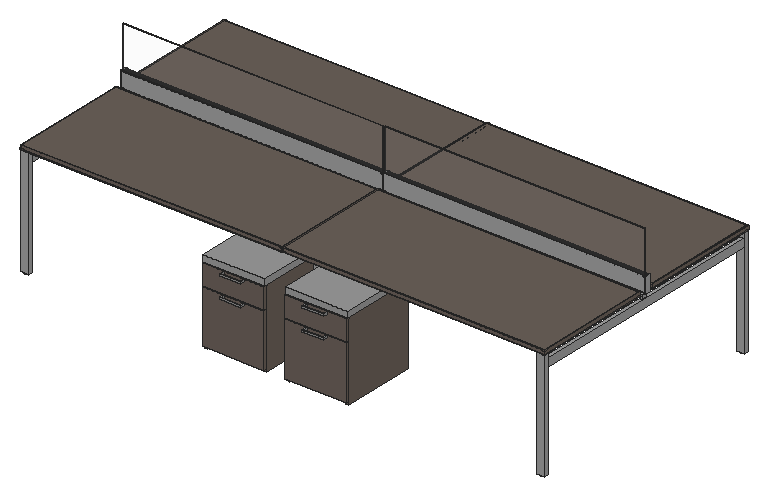
Revit family "T200188", category Furniture, Revit 2015 (continued)
Definition of nested family "STAKS BENCHING TOOLRAIL KITS"
  Automatic sketch dimensions
    Extrusion 6 sketch curve to Extrusion 6 sketch curve = 0.00634"  (x2)
    Extrusion 6 sketch curve to plane 3 "SURFACE HEIGHT" = 0.09842"  (x2)
    plane 2 "Center (Front/Back)" to Extrusion 6 sketch curve = 0.19685"
    plane 2 "Center (Front/Back)" to Extrusion 6 sketch curve = 0.17717"
    plane 2 "Center (Front/Back)" to Extrusion 6 sketch curve = 0.125"
    Extrusion 6 sketch curve to plane 2 "Center (Front/Back)" = 0.125"
    Extrusion 6 sketch curve to Extrusion 6 sketch curve = 0.05217"
    Extrusion 6 sketch curve to plane 2 "Center (Front/Back)" = 0.19685"
    Extrusion 6 sketch curve to Extrusion 6 sketch curve = 0.2352"
    Extrusion 6 sketch curve to Extrusion 6 sketch curve = 0.07208"
    Extrusion 6 sketch curve to Extrusion 6 sketch curve = 0.29528"
    Extrusion 6 sketch curve to Extrusion 6 sketch curve = 0.23622"
    Extrusion 6 sketch curve to Extrusion 6 sketch curve = 0.82551"
    Extrusion 6 sketch curve to Extrusion 6 sketch curve = 2.33"
    Extrusion 6 sketch curve to Extrusion 6 sketch curve = 0.00"  (x4)
    Extrusion 6 sketch curve to Extrusion 6 sketch curve = 0.1665"
    Extrusion 6 sketch curve to Extrusion 6 sketch curve = 0.03791"  (x2)
    Extrusion 6 sketch curve to Extrusion 6 sketch curve = 0.11894"  (x2)
    Masking region 16 sketch curve to plane 8 = 0.00"
    Masking region 16 sketch curve to plane 10 "RIGHT" = 0.00"
    Masking region 16 sketch curve to plane 2 "Center (Front/Back)" = 0.4986"
    Masking region 16 sketch curve to Masking region 16 sketch curve = 0.09196"
    Masking region 17 sketch curve to plane 8 = 0.00"
    Masking region 17 sketch curve to plane 10 "RIGHT" = 0.00"
    plane 2 "Center (Front/Back)" to Masking region 17 sketch curve = 0.59055"
    Masking region 17 sketch curve to Masking region 17 sketch curve = 0.09196"
    Masking region 18 sketch curve to plane 8 = 0.00"
    Masking region 18 sketch curve to plane 10 "RIGHT" = 0.00"
    plane 2 "Center (Front/Back)" to Masking region 18 sketch curve = 0.4986"
    Masking region 18 sketch curve to plane 2 "Center (Front/Back)" = 0.4986"
    plane 3 "SURFACE HEIGHT" to Extrusion 7 sketch curve = 0.00"  (x2)
    Extrusion 7 sketch curve to plane 3 "SURFACE HEIGHT" = 0.04"
    plane 2 "Center (Front/Back)" to Extrusion 7 sketch curve = 0.59055"
    Extrusion 7 sketch curve to Extrusion 7 sketch curve = 0.04"  (x2)
    Extrusion 7 sketch curve to Extrusion 7 sketch curve = 0.05196"  (x2)
    Extrusion 7 sketch curve to Extrusion 7 sketch curve = 0.05843"  (x2)
    Extrusion 7 sketch curve to Extrusion 7 sketch curve = 0.01416"
    Extrusion 7 sketch curve to Extrusion 7 sketch curve = 0.03995"  (x4)
    Extrusion 7 sketch curve to Extrusion 7 sketch curve = 0.00634"  (x2)
    Extrusion 7 sketch curve to plane 3 "SURFACE HEIGHT" = 0.09842"  (x2)
    plane 2 "Center (Front/Back)" to Extrusion 7 sketch curve = 0.19685"
    plane 2 "Center (Front/Back)" to Extrusion 7 sketch curve = 0.17717"
    plane 2 "Center (Front/Back)" to Extrusion 7 sketch curve = 0.125"
    Extrusion 7 sketch curve to plane 2 "Center (Front/Back)" = 0.125"
    Extrusion 7 sketch curve to Extrusion 7 sketch curve = 0.05217"
    Extrusion 7 sketch curve to plane 2 "Center (Front/Back)" = 0.19685"
    Extrusion 7 sketch curve to Extrusion 7 sketch curve = 0.2352"
    Extrusion 7 sketch curve to Extrusion 7 sketch curve = 0.07208"
    Extrusion 7 sketch curve to Extrusion 7 sketch curve = 0.29528"
    Extrusion 7 sketch curve to Extrusion 7 sketch curve = 0.23622"
    Extrusion 7 sketch curve to Extrusion 7 sketch curve = 0.82551"
    Extrusion 7 sketch curve to Extrusion 7 sketch curve = 2.33"
    Extrusion 7 sketch curve to Extrusion 7 sketch curve = 0.00"  (x4)
    Extrusion 7 sketch curve to Extrusion 7 sketch curve = 0.1665"
    Extrusion 7 sketch curve to Extrusion 7 sketch curve = 0.03791"  (x2)
    Extrusion 7 sketch curve to Extrusion 7 sketch curve = 0.11894"  (x2)
    Masking region 19 sketch curve to plane 6 = 0.00"
    Masking region 19 sketch curve to plane 4 "CENTER" = 0.00"
    Masking region 19 sketch curve to plane 2 "Center (Front/Back)" = 0.4986"
    Masking region 19 sketch curve to Masking region 19 sketch curve = 0.09196"
    Masking region 20 sketch curve to plane 6 = 0.00"
    Masking region 20 sketch curve to plane 4 "CENTER" = 0.00"
    plane 2 "Center (Front/Back)" to Masking region 20 sketch curve = 0.59055"
    Masking region 20 sketch curve to Masking region 20 sketch curve = 0.09196"
    Masking region 21 sketch curve to plane 6 = 0.00"
    Masking region 21 sketch curve to plane 4 "CENTER" = 0.00"
    plane 2 "Center (Front/Back)" to Masking region 21 sketch curve = 0.4986"
    Masking region 21 sketch curve to plane 2 "Center (Front/Back)" = 0.4986"
    plane 3 "SURFACE HEIGHT" to Extrusion 8 sketch curve = 0.00"  (x2)
    Extrusion 8 sketch curve to plane 3 "SURFACE HEIGHT" = 0.04"
    plane 2 "Center (Front/Back)" to Extrusion 8 sketch curve = 0.59055"
    Extrusion 8 sketch curve to Extrusion 8 sketch curve = 0.04"  (x2)
    Extrusion 8 sketch curve to Extrusion 8 sketch curve = 0.05196"  (x2)
    Extrusion 8 sketch curve to Extrusion 8 sketch curve = 0.05843"  (x2)
    Extrusion 8 sketch curve to Extrusion 8 sketch curve = 0.01416"
    Extrusion 8 sketch curve to Extrusion 8 sketch curve = 0.03995"  (x4)
    Extrusion 8 sketch curve to Extrusion 8 sketch curve = 0.00634"  (x2)
    Extrusion 8 sketch curve to plane 3 "SURFACE HEIGHT" = 0.09842"  (x2)
    plane 2 "Center (Front/Back)" to Extrusion 8 sketch curve = 0.19685"
    plane 2 "Center (Front/Back)" to Extrusion 8 sketch curve = 0.17717"
    plane 2 "Center (Front/Back)" to Extrusion 8 sketch curve = 0.125"
    Extrusion 8 sketch curve to plane 2 "Center (Front/Back)" = 0.125"
    Extrusion 8 sketch curve to Extrusion 8 sketch curve = 0.05217"
    Extrusion 8 sketch curve to plane 2 "Center (Front/Back)" = 0.19685"
    Extrusion 8 sketch curve to Extrusion 8 sketch curve = 0.2352"
    Extrusion 8 sketch curve to Extrusion 8 sketch curve = 0.07208"
    Extrusion 8 sketch curve to Extrusion 8 sketch curve = 0.29528"
    Extrusion 8 sketch curve to Extrusion 8 sketch curve = 0.23622"
    Extrusion 8 sketch curve to Extrusion 8 sketch curve = 0.82551"
    Extrusion 8 sketch curve to Extrusion 8 sketch curve = 2.33"
    Extrusion 8 sketch curve to Extrusion 8 sketch curve = 0.00"  (x4)
    Extrusion 8 sketch curve to Extrusion 8 sketch curve = 0.1665"
    Extrusion 8 sketch curve to Extrusion 8 sketch curve = 0.03791"  (x2)
    Extrusion 8 sketch curve to Extrusion 8 sketch curve = 0.11894"  (x2)
    Masking region 22 sketch curve to plane 4 "CENTER" = 0.00"
    Masking region 22 sketch curve to plane 9 = 0.00"
    Masking region 22 sketch curve to plane 2 "Center (Front/Back)" = 0.4986"
    Masking region 22 sketch curve to Masking region 22 sketch curve = 0.09196"
    Masking region 23 sketch curve to plane 4 "CENTER" = 0.00"
    Masking region 23 sketch curve to plane 9 = 0.00"
    plane 2 "Center (Front/Back)" to Masking region 23 sketch curve = 0.59055"
    Masking region 23 sketch curve to Masking region 23 sketch curve = 0.09196"
    Masking region 24 sketch curve to plane 4 "CENTER" = 0.00"
    Masking region 24 sketch curve to plane 9 = 0.00"
    plane 2 "Center (Front/Back)" to Masking region 24 sketch curve = 0.4986"
    Masking region 24 sketch curve to plane 2 "Center (Front/Back)" = 0.4986"
    plane 3 "SURFACE HEIGHT" to Extrusion 9 sketch curve = 0.00"  (x2)
    Extrusion 9 sketch curve to plane 3 "SURFACE HEIGHT" = 0.04"
    plane 2 "Center (Front/Back)" to Extrusion 9 sketch curve = 0.59055"
    Extrusion 9 sketch curve to Extrusion 9 sketch curve = 0.04"  (x2)
    Extrusion 9 sketch curve to Extrusion 9 sketch curve = 0.05196"  (x2)
    Extrusion 9 sketch curve to Extrusion 9 sketch curve = 0.05843"  (x2)
    Extrusion 9 sketch curve to Extrusion 9 sketch curve = 0.01416"
    Extrusion 9 sketch curve to Extrusion 9 sketch curve = 0.03995"  (x4)
    Extrusion 9 sketch curve to Extrusion 9 sketch curve = 0.00634"  (x2)
    Extrusion 9 sketch curve to plane 3 "SURFACE HEIGHT" = 0.09842"  (x2)
    plane 2 "Center (Front/Back)" to Extrusion 9 sketch curve = 0.19685"
    plane 2 "Center (Front/Back)" to Extrusion 9 sketch curve = 0.17717"
    plane 2 "Center (Front/Back)" to Extrusion 9 sketch curve = 0.125"
    Extrusion 9 sketch curve to plane 2 "Center (Front/Back)" = 0.125"
    Extrusion 9 sketch curve to Extrusion 9 sketch curve = 0.05217"
    Extrusion 9 sketch curve to plane 2 "Center (Front/Back)" = 0.19685"
    Extrusion 9 sketch curve to Extrusion 9 sketch curve = 0.2352"
    Extrusion 9 sketch curve to Extrusion 9 sketch curve = 0.07208"
    Extrusion 9 sketch curve to Extrusion 9 sketch curve = 0.29528"
    Extrusion 9 sketch curve to Extrusion 9 sketch curve = 0.23622"
    Extrusion 9 sketch curve to Extrusion 9 sketch curve = 0.82551"
    Extrusion 9 sketch curve to Extrusion 9 sketch curve = 2.33"
    Extrusion 9 sketch curve to Extrusion 9 sketch curve = 0.00"  (x4)
    Extrusion 9 sketch curve to Extrusion 9 sketch curve = 0.1665"
    Extrusion 9 sketch curve to Extrusion 9 sketch curve = 0.03791"  (x2)
    Extrusion 9 sketch curve to Extrusion 9 sketch curve = 0.11894"  (x2)
    Masking region 25 sketch curve to plane 9 = 0.00"
    Masking region 25 sketch curve to plane 10 "RIGHT" = 0.00"
    Masking region 25 sketch curve to plane 2 "Center (Front/Back)" = 0.4986"
    Masking region 25 sketch curve to Masking region 25 sketch curve = 0.09196"
    Masking region 26 sketch curve to plane 9 = 0.00"
    Masking region 26 sketch curve to plane 10 "RIGHT" = 0.00"
    plane 2 "Center (Front/Back)" to Masking region 26 sketch curve = 0.59055"
    Masking region 26 sketch curve to Masking region 26 sketch curve = 0.09196"
    Masking region 27 sketch curve to plane 9 = 0.00"
    Masking region 27 sketch curve to plane 10 "RIGHT" = 0.00"
    plane 2 "Center (Front/Back)" to Masking region 27 sketch curve = 0.4986"
    Masking region 27 sketch curve to plane 2 "Center (Front/Back)" = 0.4986"
    plane 3 "SURFACE HEIGHT" to Extrusion 10 sketch curve = 0.00"
    plane 2 "Center (Front/Back)" to Extrusion 10 sketch curve = 0.59055"
    Extrusion 10 sketch curve to Extrusion 10 sketch curve = 0.04"  (x3)
    Extrusion 10 sketch curve to Extrusion 10 sketch curve = 0.05196"  (x2)
    Extrusion 10 sketch curve to Extrusion 10 sketch curve = 0.03995"  (x4)
    Extrusion 10 sketch curve to Extrusion 10 sketch curve = 0.00634"  (x2)
    Extrusion 10 sketch curve to plane 2 "Center (Front/Back)" = 0.41236"
    Extrusion 10 sketch curve to plane 2 "Center (Front/Back)" = 0.55055"
    Extrusion 10 sketch curve to Extrusion 10 sketch curve = 3.70016"
    Extrusion 10 sketch curve to Extrusion 10 sketch curve = 0.03791"  (x2)
    Extrusion 10 sketch curve to Extrusion 10 sketch curve = 0.11894"  (x2)
    Extrusion 10 sketch curve to Extrusion 10 sketch curve = 0.00"  (x2)
    Masking region 28 sketch curve to plane 11 = 0.00"
    Masking region 28 sketch curve to plane 7 "LEFT" = 0.00"
    plane 2 "Center (Front/Back)" to Masking region 28 sketch curve = 0.59055"
    Masking region 28 sketch curve to plane 2 "Center (Front/Back)" = 0.59055"
    plane 3 "SURFACE HEIGHT" to Extrusion 11 sketch curve = 0.00"
    plane 2 "Center (Front/Back)" to Extrusion 11 sketch curve = 0.59055"
    Extrusion 11 sketch curve to Extrusion 11 sketch curve = 0.04"  (x5)
    Extrusion 11 sketch curve to Extrusion 11 sketch curve = 0.05196"  (x2)
    Extrusion 11 sketch curve to Extrusion 11 sketch curve = 0.03995"  (x4)
    Extrusion 11 sketch curve to Extrusion 11 sketch curve = 0.00634"  (x2)
    Extrusion 11 sketch curve to plane 2 "Center (Front/Back)" = 0.41236"
    Extrusion 11 sketch curve to plane 2 "Center (Front/Back)" = 0.55055"
    Extrusion 11 sketch curve to Extrusion 11 sketch curve = 3.70016"
    Extrusion 11 sketch curve to Extrusion 11 sketch curve = 0.03791"  (x2)
    Extrusion 11 sketch curve to Extrusion 11 sketch curve = 0.11894"  (x2)
    Masking region 29 sketch curve to plane 10 "RIGHT" = 0.00"
    Masking region 29 sketch curve to plane 12 = 0.00"
    plane 2 "Center (Front/Back)" to Masking region 29 sketch curve = 0.59055"
    Masking region 29 sketch curve to plane 2 "Center (Front/Back)" = 0.59055"
Definition of nested family "STAKS FROSTED ACRYLIC PRIVACY PANEL 11in"
  Parameters (values of type "STAKS FROSTED ACRYLIC PRIVACY PANEL 23in x 11")
    Width = 23.00"
    URL = "http://www.ofs.com/"
    Model = "6-PVPA-23/11"
    Manufacturer = "OFS"
    Height From Floor = 56.00"
    Height = 11.00"
    Description = "OFS STAKS FROSTED ACRYLIC PRIVACY PANEL 23in Width, Rests on Side of Wall Panel"
    Depth = 0.25"
    Copyright © = "© 2018 OFS"
    Catalog = "https://ofs.com/products/casegoods/private-office/staks"
    Shelf Material = none
    Authoring Version = "Autodesk Revit Architecture 2013"
    Assembly Code = "E2020200"
  Types (10): name | Width | Model | Description
    STAKS FROSTED ACRYLIC PRIVACY PANEL 23in x 11 | 23.00" | "6-PVPA-23/11" | "OFS STAKS FROSTED ACRYLIC PRIVACY PANEL 23in Width, Rests on Side of Wall Panel"
    STAKS FROSTED ACRYLIC PRIVACY PANEL 29in x 11 | 29.00" | "6-PVPA-29/11" | "OFS STAKS FROSTED ACRYLIC PRIVACY PANEL 29in Width, Rests on Side of Wall Panel"
    STAKS FROSTED ACRYLIC PRIVACY PANEL 31in x 11 | 29.00" | "6-PVPA-31/11" | "OFS STAKS FROSTED ACRYLIC PRIVACY PANEL 31in Width, Rests on Side of Wall Panel"
    STAKS FROSTED ACRYLIC PRIVACY PANEL 35in x 11 | 35.00" | "6-PVPA-35/11" | "OFS STAKS FROSTED ACRYLIC PRIVACY PANEL 35in Width, Rests on Side of Wall Panel"
    STAKS FROSTED ACRYLIC PRIVACY PANEL 41in x 11 | 41.00" | "6-PVPA-41/11" | "OFS STAKS FROSTED ACRYLIC PRIVACY PANEL 41in Width, Rests on Side of Wall Panel"
    STAKS FROSTED ACRYLIC PRIVACY PANEL 47in x 11 | 47.00" | "6-PVPA-47/11" | "OFS STAKS FROSTED ACRYLIC PRIVACY PANEL 47in Width, Rests on Side of Wall Panel"
    STAKS FROSTED ACRYLIC PRIVACY PANEL 53in x 11 | 53.00" | "6-PVPA-53/11" | "OFS STAKS FROSTED ACRYLIC PRIVACY PANEL 53in Width, Rests on Side of Wall Panel"
    STAKS FROSTED ACRYLIC PRIVACY PANEL 57in x 11 | 57.00" | "6-PVPA-57/11" | "OFS STAKS FROSTED ACRYLIC PRIVACY PANEL 57in Width, Rests on Side of Wall Panel"
    STAKS FROSTED ACRYLIC PRIVACY PANEL 71in x 11 | 71.00" | "6-PVPA-71/11" | "OFS STAKS FROSTED ACRYLIC PRIVACY PANEL 71in Width, Rests on Side of Wall Panel"
    STAKS FROSTED ACRYLIC PRIVACY PANEL 72.5in x 11 | 72.50" | "6-PVPA-72.5/11" | "OFS STAKS FROSTED ACRYLIC PRIVACY PANEL 72.5in Width, Rests on Side of Wall Panel"
  Reference planes (in)
    plane 1: z = 0
    plane 2 "Center (Front/Back)": y = 2.75035
    plane 3 "LEFT": x = -28
    plane 4 "BASE TOP": z = 56
    plane 5 "RIGHT": x = -5
    plane 6: z = 45
    plane 7: y = 2.87535
    plane 8 "CENTER": x = -16.5
    plane 9: y = 2.62535
  Forms (in)
    Extrusion 1, solid, material <- "Shelf Material"
      sketch origin (0, 2.75035, 0) x (1, 0, 0) y (0, 0, 1)
        loop
          line (-28, 56) -> (-28, 45) -> (-5, 45) -> (-5, 56) -> (-28, 56)
      from -0.125 to 0.125
  Dimensions and locks (in)
    "Height From Floor": plane 4 "BASE TOP" to plane 1
    "Height": plane 4 "BASE TOP" to plane 6
    equal spacing: plane 3 "LEFT", plane 8 "CENTER", plane 5 "RIGHT"
    equal spacing: plane 9, plane 2 "Center (Front/Back)", plane 7
    "Width": plane 3 "LEFT" to plane 5 "RIGHT"
    "Depth": plane 9 to plane 7
    aligned and locked: level to plane 1
    aligned and locked: Extrusion 1 sketch curve to plane 4 "BASE TOP"
    aligned and locked: plane 3 "LEFT" to Extrusion 1 sketch curve
    aligned and locked: Extrusion 1 sketch curve to plane 6
    aligned and locked: Extrusion 1 sketch curve to plane 5 "RIGHT"
    aligned and locked: Extrusion 1 to plane 7
    aligned and locked: plane 9 to Extrusion 1
